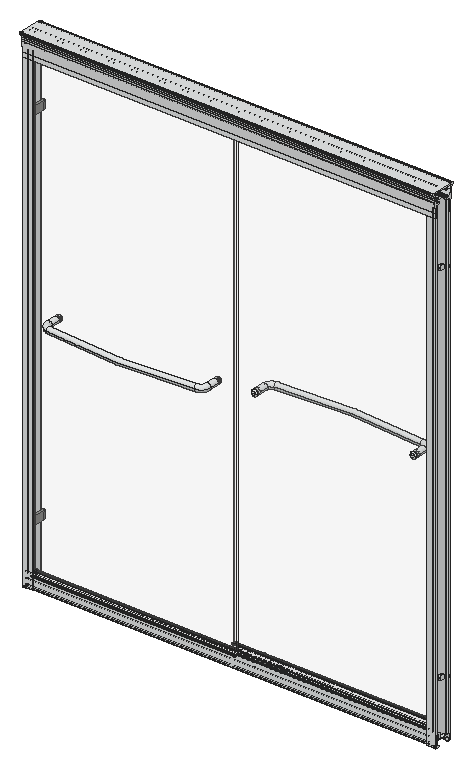
Revit family "Shower-Shower_Door-KOHLER-Fluence-K-702211", category Specialty Equipment, host Face, Revit 2021 (continued)
Definition of nested family "K-702211"
  Automatic sketch dimensions
    plane 5 to Extrusion 17 sketch curve = 0.08051"
    Extrusion 17 sketch curve to Extrusion 17 sketch curve = 0.00694"
    Extrusion 17 sketch curve to Extrusion 17 sketch curve = 0.45423"
    plane 5 to Extrusion 17 sketch curve = 0.595"
    Extrusion 17 sketch curve to Extrusion 17 sketch curve = 0.12318"
    Extrusion 17 sketch curve to Extrusion 17 sketch curve = 0.12057"
    Extrusion 17 sketch curve to Extrusion 17 sketch curve = 0.3745"
    plane 25 to Extrusion 17 sketch curve = 0.36281"
    plane 25 to Extrusion 17 sketch curve = 0.35627"
    Extrusion 17 sketch curve to plane 22 = 0.39791"
    Extrusion 17 sketch curve to Extrusion 17 sketch curve = 0.00758"
    Extrusion 17 sketch curve to Extrusion 17 sketch curve = 0.03476"
    plane 5 to Extrusion 18 sketch curve = 0.08051"
    Extrusion 18 sketch curve to Extrusion 18 sketch curve = 0.00694"
    Extrusion 18 sketch curve to Extrusion 18 sketch curve = 0.45423"
    plane 5 to Extrusion 18 sketch curve = 0.595"
    Extrusion 18 sketch curve to Extrusion 18 sketch curve = 0.12318"
    Extrusion 18 sketch curve to Extrusion 18 sketch curve = 0.12057"
    Extrusion 18 sketch curve to Extrusion 18 sketch curve = 0.3745"
    plane 25 to Extrusion 18 sketch curve = 0.36281"
    plane 25 to Extrusion 18 sketch curve = 0.35627"
    Extrusion 18 sketch curve to plane 22 = 0.39791"
    Extrusion 18 sketch curve to Extrusion 18 sketch curve = 0.00758"
    Extrusion 18 sketch curve to Extrusion 18 sketch curve = 0.03476"
    Extrusion 19 sketch curve to plane 8 = 0.17076"
    Extrusion 19 sketch curve to plane 10 = 0.20302"
    Extrusion 19 sketch curve to Extrusion 19 sketch curve = 0.12057"
    Extrusion 19 sketch curve to Extrusion 19 sketch curve = 0.05332"
    Extrusion 19 sketch curve to plane 4 = 0.10812"
    Extrusion 19 sketch curve to Extrusion 19 sketch curve = 0.00694"
    plane 9 to Extrusion 19 sketch curve = 0.33109"
    plane 9 to Extrusion 19 sketch curve = 0.45018"
    Extrusion 19 sketch curve to Extrusion 19 sketch curve = 0.03406"
    plane 25 to Extrusion 19 sketch curve = 0.35627"
    plane 25 to Extrusion 19 sketch curve = 0.36281"
    plane 8 to Extrusion 20 sketch curve = 0.08317"
    plane 25 to Extrusion 20 sketch curve = 0.36281"
    Extrusion 20 sketch curve to plane 10 = 0.13317"
    plane 25 to Extrusion 20 sketch curve = 0.35627"
    Extrusion 20 sketch curve to plane 22 = 0.39791"
    Extrusion 20 sketch curve to plane 10 = 0.07985"
    Extrusion 20 sketch curve to Extrusion 20 sketch curve = 0.00758"
    Extrusion 20 sketch curve to Extrusion 20 sketch curve = 0.03476"
    Extrusion 20 sketch curve to plane 4 = 0.10118"
    Extrusion 20 sketch curve to Extrusion 20 sketch curve = 0.03406"
    Extrusion 20 sketch curve to plane 10 = 0.20302"
    Extrusion 20 sketch curve to Extrusion 20 sketch curve = 0.18791"
    Extrusion 21 sketch curve to plane 24 = 0.12518"
    Extrusion 21 sketch curve to plane 6 = 0.11031"  (x2)
    plane 6 to Extrusion 21 sketch curve = 0.1283"
    plane 6 to Extrusion 21 sketch curve = 0.12832"
    plane 23 to Extrusion 21 sketch curve = 0.10812"
    plane 26 to Extrusion 21 sketch curve = 8.19146"
    Extrusion 21 sketch curve to Extrusion 21 sketch curve = 0.23849"
    Extrusion 22 sketch curve to plane 24 = 0.12518"
    Extrusion 22 sketch curve to plane 6 = 0.11031"  (x2)
    plane 6 to Extrusion 22 sketch curve = 0.1283"
    plane 6 to Extrusion 22 sketch curve = 0.12832"
    plane 23 to Extrusion 22 sketch curve = 0.10812"
    plane 11 to Extrusion 22 sketch curve = 5.62656"
    Extrusion 22 sketch curve to Extrusion 22 sketch curve = 0.23849"
    Extrusion 23 sketch curve to plane 24 = 0.12518"
    Extrusion 23 sketch curve to plane 6 = 0.11031"  (x2)
    plane 6 to Extrusion 23 sketch curve = 0.1283"
    plane 6 to Extrusion 23 sketch curve = 0.12832"
    plane 23 to Extrusion 23 sketch curve = 0.10812"
    plane 26 to Extrusion 23 sketch curve = 8.19146"
    Extrusion 23 sketch curve to Extrusion 23 sketch curve = 0.23849"
    Extrusion 24 sketch curve to plane 24 = 0.12518"
    Extrusion 24 sketch curve to plane 6 = 0.11031"  (x2)
    plane 6 to Extrusion 24 sketch curve = 0.1283"
    plane 6 to Extrusion 24 sketch curve = 0.12832"
    plane 23 to Extrusion 24 sketch curve = 0.10812"
    plane 11 to Extrusion 24 sketch curve = 5.62656"
    Extrusion 24 sketch curve to Extrusion 24 sketch curve = 0.23849"
    Extrusion 25 sketch curve to plane 25 = 0.00301"
    Extrusion 25 sketch curve to plane 25 = 0.00647"
    Extrusion 25 sketch curve to plane 25 = 0.0214"
    Extrusion 25 sketch curve to plane 25 = 0.023"
    Extrusion 25 sketch curve to Extrusion 25 sketch curve = 0.00072"
    Extrusion 25 sketch curve to Extrusion 25 sketch curve = 0.09112"
    Extrusion 25 sketch curve to Extrusion 25 sketch curve = 0.00176"
    plane 6 to Extrusion 25 sketch curve = 0.04934"
    plane 6 to Extrusion 25 sketch curve = 0.05173"
    Extrusion 25 sketch curve to Extrusion 25 sketch curve = 0.0684"
    Extrusion 25 sketch curve to plane 11 = 0.07323"
    plane 6 to Extrusion 25 sketch curve = 0.1433"
    Extrusion 25 sketch curve to Extrusion 25 sketch curve = 0.05416"
    Extrusion 25 sketch curve to plane 11 = 0.02093"
    plane 23 to Extrusion 25 sketch curve = 0.05377"
    Extrusion 25 sketch curve to plane 23 = 0.00442"
    Extrusion 25 sketch curve to plane 23 = 0.02793"
    Extrusion 25 sketch curve to Extrusion 25 sketch curve = 0.0665"  (x2)
    Extrusion 25 sketch curve to Extrusion 25 sketch curve = 0.0689"
    Extrusion 25 sketch curve to plane 22 = 0.28326"
    Extrusion 25 sketch curve to Extrusion 25 sketch curve = 0.00222"
    Extrusion 25 sketch curve to Extrusion 25 sketch curve = 0.04242"
    Extrusion 25 sketch curve to Extrusion 25 sketch curve = 0.0029"
    Extrusion 25 sketch curve to Extrusion 25 sketch curve = 0.06345"
    Extrusion 25 sketch curve to plane 11 = 0.08022"
    Extrusion 25 sketch curve to plane 22 = 0.37302"
    Extrusion 25 sketch curve to Extrusion 25 sketch curve = 0.08311"
    level to Extrusion 25 sketch curve = 0.16565"
    Extrusion 25 sketch curve to plane 22 = 0.41288"
    Extrusion 25 sketch curve to Extrusion 25 sketch curve = 0.02081"
    Extrusion 25 sketch curve to Extrusion 25 sketch curve = 1/16"
    Extrusion 25 sketch curve to Extrusion 25 sketch curve = 0.0644"
    Extrusion 25 sketch curve to Extrusion 25 sketch curve = 0.02063"
    Extrusion 25 sketch curve to Extrusion 25 sketch curve = 0.46909"
    Extrusion 25 sketch curve to Extrusion 25 sketch curve = 0.00073"
    level to Extrusion 25 sketch curve = 0.76962"
    Extrusion 25 sketch curve to Extrusion 25 sketch curve = 0.02071"
    Extrusion 25 sketch curve to Extrusion 25 sketch curve = 0.08163"
    Extrusion 25 sketch curve to Extrusion 25 sketch curve = 0.01463"
    Extrusion 25 sketch curve to Extrusion 25 sketch curve = 0.03407"
    Extrusion 25 sketch curve to Extrusion 25 sketch curve = 0.01413"
    Extrusion 25 sketch curve to Extrusion 25 sketch curve = 0.02214"
    Extrusion 25 sketch curve to Extrusion 25 sketch curve = 0.06123"
    Extrusion 25 sketch curve to Extrusion 25 sketch curve = 0.06579"
    Extrusion 25 sketch curve to Extrusion 25 sketch curve = 0.06601"
    Extrusion 25 sketch curve to Extrusion 25 sketch curve = 0.05027"
    Extrusion 25 sketch curve to Extrusion 25 sketch curve = 0.05822"
    curve 60 to curve 68 = 0"
    curve 62 to curve 70 = 0"  (x2)
    curve 64 to curve 72 = 0"  (x2)
    curve 66 to curve 74 = 0"  (x2)
    curve 116 to curve 124 = 0"  (x2)
    curve 118 to curve 126 = 0"  (x2)
    curve 120 to curve 128 = 0"  (x2)
    curve 122 to curve 130 = 0"
    curve 48 to plane 13 = 0"
    curve 48 to plane 14 = 0"
    curve 49 to plane 13 = 0"
    curve 49 to plane 14 = 0"
    curve 150 to plane 13 = 0"
    curve 150 to plane 14 = 0"
    curve 3 to level = 0"
    curve 2 to level = 0"
    curve 1 to level = 0"
    curve 4 to level = 0"
    curve 50 to level = 0"
    curve 42 to level = 0"
    curve 41 to level = 0"
    curve 40 to level = 0"
    curve 151 to plane 13 = 0"
    curve 151 to plane 14 = 0"
    curve 47 to plane 13 = 0"
    curve 47 to plane 14 = 0"
    curve 46 to plane 13 = 0"
    curve 46 to plane 14 = 0"
    plane 1 "Center (Front/Back)" to curve 48 = 0.89503"
    plane 25 to curve 30 = 0.36086"
    curve 30 to curve 27 = 0.05765"
    curve 27 to curve 29 = 0.01839"
    curve 26 to plane 11 = 0.04515"
    curve 29 to curve 26 = 0.00194"
    plane 25 to curve 35 = 0.02288"
    plane 25 to curve 32 = 0.0214"
    plane 25 to curve 14 = 0.0121"
    plane 25 to curve 31 = 0.01184"
    plane 25 to curve 13 = 0.00565"
    plane 25 to curve 23 = 0.0014"
    curve 33 to plane 25 = 0.00335"
    curve 24 to plane 25 = 0.00671"
    curve 20 to plane 25 = 0.02074"
    curve 39 to plane 25 = 0.02601"
    plane 11 to curve 17 = 0.00081"
    curve 17 to plane 25 = 0.02613"
    curve 39 to curve 9 = 0.00335"
    curve 20 to curve 12 = 0.02811"
    curve 11 to plane 11 = 0.05779"
    curve 14 to curve 11 = 0.03282"
    curve 10 to curve 37 = 0.05429"
    curve 9 to curve 38 = 0.05839"
    curve 38 to curve 16 = 0.00931"
    curve 12 to curve 25 = 0.04904"
    plane 24 to curve 6 = 0.06527"
    curve 15 to curve 15 = 0.00208"
    curve 61 to plane 24 = 0.12254"
    curve 117 to plane 24 = 0.12254"
    curve 60 to curve 69 = 0.00787"
    curve 117 to curve 125 = 0.00787"
    curve 69 to curve 53 = 0.0621"
    curve 125 to curve 109 = 0.0621"
    curve 109 to curve 124 = 0.05503"
    curve 109 to curve 126 = 0.05503"
    curve 71 to plane 6 = 0.11117"
    curve 59 to plane 6 = 0.11117"
    curve 118 to curve 111 = 0.00746"
    curve 60 to curve 52 = 0.00746"
    curve 62 to curve 54 = 0.00746"  (x2)
    curve 116 to curve 107 = 0.00746"
    curve 60 to curve 51 = 0.00746"
    curve 62 to curve 55 = 0.00746"
    plane 6 to curve 37 = 0.07783"
    plane 6 to curve 132 = 0.08192"
    plane 6 to curve 51 = 0.11887"
    plane 6 to curve 55 = 0.11887"
    plane 6 to curve 114 = 0.11887"
    curve 56 to curve 56 = 0"
    plane 6 to curve 112 = 0.11887"
    curve 58 to curve 58 = 0"
    curve 58 to curve 66 = 0.00746"
    curve 114 to curve 123 = 0.00746"
    curve 112 to curve 128 = 0.00746"
    curve 56 to curve 72 = 0.00746"
    curve 64 to curve 57 = 0.05503"
    curve 122 to curve 113 = 0.05503"
    curve 56 to curve 73 = 0.0621"
    curve 113 to curve 129 = 0.0621"
    curve 133 to plane 23 = 0.0591"
    curve 134 to plane 23 = 0.0631"
    curve 104 to plane 22 = 0.13793"
    curve 88 to plane 22 = 0.13793"
    curve 97 to plane 22 = 0.13793"
    curve 81 to plane 22 = 0.13793"
    curve 88 to curve 76 = 0.12826"
    curve 104 to curve 92 = 0.12826"
    curve 92 to curve 101 = 0.00749"
    curve 81 to curve 78 = 0.13575"
    curve 97 to curve 94 = 0.13575"
    curve 76 to curve 85 = 0.00749"
    curve 133 to plane 22 = 0.30679"
    curve 133 to curve 135 = 0.0045"
    curve 133 to curve 7 = 0.01663"
    curve 7 to curve 8 = 0"
    curve 133 to curve 6 = 5/256"
    curve 133 to curve 5 = 5/256"
    level to curve 50 = 0.016"
    curve 50 to plane 22 = 0.39141"
    curve 85 to curve 89 = 0.13239"
    curve 94 to curve 98 = 0.13239"
    curve 78 to curve 82 = 0.13239"
    curve 101 to curve 105 = 0.13239"
    curve 131 to plane 11 = 0.10494"
    curve 131 to plane 22 = 0.43808"
    curve 105 to curve 106 = 0.08134"
    curve 89 to curve 90 = 0.08134"
    curve 98 to curve 100 = 0.08134"
    curve 82 to curve 84 = 0.08134"
    curve 82 to curve 79 = 0.0816"
    curve 105 to curve 102 = 0.0816"
    curve 89 to curve 86 = 0.0816"
    curve 98 to curve 95 = 0.0816"
    curve 86 to curve 77 = 0.00077"
    curve 102 to curve 93 = 0.00077"
    curve 84 to curve 80 = 0.02683"
    curve 106 to curve 103 = 0.02683"
    curve 100 to curve 96 = 0.02683"
    curve 90 to curve 87 = 0.02683"
    curve 102 to curve 91 = 0.0373"
    curve 79 to curve 75 = 0.0373"
    curve 46 to plane 9 = 0.89127"
    curve 50 to curve 8 = 0.61848"
    curve 8 to curve 7 = 0.03065"
    curve 7 to curve 5 = 0.0527"
    curve 5 to curve 133 = 0.02227"
    curve 133 to curve 6 = 0.0087"
    curve 133 to curve 133 = 0.01668"
    curve 133 to curve 37 = 0.01191"
    curve 37 to curve 37 = 0.02036"
    curve 38 to curve 6 = 0.00603"
    curve 37 to curve 39 = 0.01746"
    curve 38 to curve 10 = 0.00447"
    curve 15 to curve 15 = 0.06034"
    curve 10 to curve 9 = 0.0541"
    curve 7 to curve 135 = 0.12008"
    curve 133 to curve 134 = 0.11445"
    curve 37 to curve 132 = 0.11712"
    curve 38 to curve 16 = 0.01642"
    curve 32 to curve 20 = 0.18503"
    curve 32 to curve 24 = 0.03637"
    curve 30 to curve 27 = 0.13092"
    curve 25 to curve 11 = 0.05717"
    curve 35 to curve 20 = 0.03916"
    curve 35 to curve 14 = 0.00905"
    curve 12 to curve 20 = 0.02773"
    curve 14 to curve 34 = 0.01445"
    curve 33 to curve 31 = 0.00161"
    plane 11 to curve 90 = 5.46653"
    curve 90 to curve 87 = 0.02999"
    curve 90 to curve 89 = 0.0495"
    curve 88 to curve 63 = 0.12878"
    curve 88 to curve 77 = 0.13604"
    curve 77 to curve 86 = 0.00177"
    curve 89 to curve 85 = 0.16552"
    curve 85 to curve 76 = 0"  (x2)
    curve 55 to curve 62 = 0.05503"
    curve 64 to curve 56 = 0.00746"
    curve 53 to curve 53 = 0.22258"
    curve 56 to curve 57 = 0.22258"
    curve 52 to curve 52 = 0"
    curve 58 to curve 74 = 0.00746"
    curve 75 to curve 75 = 3/8"
    curve 75 to curve 79 = 0.04721"
    curve 79 to curve 82 = 0.1183"
    curve 78 to curve 81 = 0.18503"
    curve 80 to curve 84 = 0.02999"
    plane 26 to curve 106 = 8.35106"
    curve 106 to curve 104 = 0.02999"
    curve 106 to curve 105 = 0.0495"
    curve 104 to curve 119 = 0.12835"
    curve 103 to curve 93 = 0.13604"
    curve 93 to curve 102 = 0.00177"
    curve 105 to curve 101 = 0.16552"
    curve 101 to curve 91 = 0.05414"
    curve 111 to curve 118 = 0.05503"
    curve 110 to curve 108 = 0.22259"
    curve 108 to curve 117 = 0.00746"
    curve 101 to curve 94 = 3/8"
    curve 94 to curve 95 = 0.04721"
    curve 95 to curve 98 = 0.1183"
    curve 98 to curve 96 = 0.01951"
    curve 96 to curve 100 = 0.02999"
    curve 49 to plane 1 "Center (Front/Back)" = 0.08964"
    plane 25 to curve 149 = 0.46117"
    curve 49 to curve 150 = 0.427"
    curve 49 to curve 150 = 0.42704"
    plane 25 to curve 3 = 0.4531"
    curve 3 to curve 2 = 0.00799"
    curve 2 to curve 1 = 0.03403"
    curve 1 to curve 4 = 0.00799"
    curve 30 to curve 30 = 0.02574"
    curve 30 to curve 30 = 0"
    curve 30 to curve 28 = 0.01265"
    curve 19 to plane 11 = 0.00126"
    curve 26 to curve 19 = 0.01221"
    plane 25 to curve 142 = 0.2674"
    curve 4 to curve 142 = 0.13574"
    plane 11 to curve 18 = 0.026"
    curve 19 to curve 18 = 0.01714"
    curve 26 to plane 11 = 0.0495"
    curve 26 to curve 26 = 0.04083"
    curve 19 to plane 11 = 0.00708"
    curve 26 to curve 19 = 0.02666"
    plane 11 to curve 18 = 0.02071"
    curve 19 to curve 18 = 0.01746"
    plane 25 to curve 144 = 0.07748"
    plane 25 to curve 144 = 0.07726"
    curve 34 to curve 35 = 0.03874"
    curve 13 to plane 11 = 0.02369"
    curve 34 to curve 13 = 0.00252"
    plane 11 to curve 17 = 0.00822"
    curve 13 to curve 17 = 0.00178"
    plane 25 to curve 143 = 0.0474"
    curve 21 to curve 14 = 0.00356"
    plane 11 to curve 21 = 0.0038"
    plane 25 to curve 22 = 0.0014"
    curve 9 to plane 25 = 0.00419"
    curve 35 to plane 25 = 0.00438"
    curve 33 to plane 25 = 0.01193"
    curve 5 to plane 25 = 0.02472"
    curve 32 to curve 25 = 0.04468"
    curve 25 to curve 36 = 0.00035"
    curve 33 to curve 12 = 0.04503"
    curve 16 to curve 10 = 0"
    curve 146 to plane 25 = 0.06265"
    curve 147 to plane 25 = 0.07664"
    curve 146 to curve 145 = 0.01399"
    curve 36 to curve 25 = 0.03314"
    curve 25 to curve 36 = 0.00006"
    curve 12 to curve 11 = 0.03299"
    plane 24 to curve 147 = 0.07336"
    curve 148 to plane 23 = 0.0696"
    plane 22 to curve 140 = 0.0804"
    curve 148 to curve 148 = 0.08"
    curve 140 to curve 141 = 0.01399"
    curve 138 to plane 22 = 0.0446"
    curve 139 to plane 22 = 0.0737"
    curve 139 to plane 22 = 0.07468"
    curve 139 to curve 137 = 0.1909"
    curve 139 to curve 137 = 0.18993"
    curve 135 to curve 45 = 0.04574"
    curve 8 to curve 44 = 0.00058"
    curve 44 to curve 41 = 0.008"
    curve 41 to curve 40 = 0.034"
    curve 84 to curve 84 = 0.03"
    curve 43 to plane 11 = 0.02424"
    curve 131 to curve 43 = 0.01933"
    curve 95 to curve 95 = 0.03026"
    curve 151 to plane 22 = 0.45741"
    curve 136 to plane 22 = 0.45741"
    curve 131 to curve 131 = 15/256"
    curve 84 to curve 81 = 0.02362"
    curve 100 to curve 98 = 0.02362"
    curve 106 to curve 104 = 0.02362"
    curve 90 to curve 88 = 0.02362"
    curve 93 to curve 92 = 0"
    curve 77 to curve 76 = 0"
    curve 102 to curve 101 = 0"
    curve 86 to curve 85 = 0"
    curve 79 to curve 78 = 0"
    curve 95 to curve 94 = 0"
    plane 9 to curve 47 = 0.0934"
    curve 50 to curve 43 = 0.12903"
    curve 42 to curve 8 = 0.10413"
    curve 44 to curve 8 = 0.03484"
    curve 5 to curve 39 = 0.03698"
    curve 28 to curve 30 = 0.02091"
    curve 30 to curve 30 = 0.00884"
    curve 27 to curve 27 = 0.07782"
    curve 27 to curve 28 = 0.01526"
    curve 131 to curve 131 = 0.00076"
    curve 83 to curve 89 = 0.0054"
    curve 82 to curve 83 = 0.00638"
    curve 99 to curve 105 = 0.00596"
    curve 101 to curve 91 = 0"
    curve 98 to curve 99 = 0.00397"
    curve 149 to curve 149 = 0.64"
    curve 136 to curve 136 = 0.64"
    curve 4 to curve 3 = 0"
    curve 41 to curve 40 = 0"
    curve 44 to curve 41 = 0"
    curve 3 to curve 2 = 0"
    curve 4 to curve 1 = 0"
    curve 45 to curve 44 = 0"
    curve 45 to curve 137 = 0.07345"
    curve 147 to curve 144 = 0.07345"
    curve 148 to curve 139 = 0.07345"
    curve 4 to curve 142 = 0.07345"
    curve 144 to curve 143 = 0.15641"
    curve 139 to curve 138 = 0.15641"
    curve 141 to curve 138 = 0"
    curve 143 to curve 146 = 0"  (x2)
    curve 146 to curve 145 = 0.02746"
    curve 141 to curve 140 = 0.02746"
    curve 145 to curve 146 = 0.02746"
    curve 140 to curve 138 = 0.02746"
    curve 140 to curve 141 = 0.02746"
    curve 138 to curve 137 = 0.1562"
    curve 143 to curve 142 = 0.1562"
    curve 143 to curve 144 = 0.1562"
    curve 138 to curve 139 = 0.15641"
    Extrusion 27 sketch curve to plane 1 "Center (Front/Back)" = 0.51399"
    Extrusion 27 sketch curve to plane 5 = 0"
    plane 9 to Extrusion 27 sketch curve = 0.50795"  (x2)
    Extrusion 27 sketch curve to plane 1 "Center (Front/Back)" = 0.51378"
    Extrusion 27 sketch curve to plane 4 = 0"
    plane 5 to Extrusion 27 sketch curve = 0.96572"
    plane 8 to Extrusion 27 sketch curve = 0.06305"
    plane 23 to Revolve 28 sketch curve = 0.05354"
    Revolve 28 sketch curve to Revolve 28 sketch curve = 0.206"
    Revolve 28 sketch curve to Revolve 28 sketch curve = 0.02526"
    Revolve 28 sketch curve to Revolve 28 sketch curve = 0.01727"
    Revolve 28 sketch curve to Revolve 28 sketch curve = 0.12653"
    Revolve 28 sketch curve to plane 22 = 0.31428"
    Revolve 28 sketch curve to Revolve 28 sketch curve = 0.093"
    Revolve 28 sketch curve to Revolve 28 sketch curve = 0.04474"
    Revolve 28 sketch curve to Revolve 28 sketch curve = 0.00448"
    Revolve 28 sketch curve to plane 6 = 0.00266"
    Revolve 28 sketch curve to Revolve 28 sketch curve = 0"  (x3)
    Revolve 28 sketch curve to plane 24 = 0.1592"
    plane 23 to Revolve 31 sketch curve = 0.052"
    Revolve 31 sketch curve to Revolve 31 sketch curve = 0.206"
    Revolve 31 sketch curve to Revolve 31 sketch curve = 0.02526"
    Revolve 31 sketch curve to Revolve 31 sketch curve = 0.01727"
    Revolve 31 sketch curve to Revolve 31 sketch curve = 0.12653"
    Revolve 31 sketch curve to plane 22 = 0.31582"
    Revolve 31 sketch curve to Revolve 31 sketch curve = 0.093"
    Revolve 31 sketch curve to Revolve 31 sketch curve = 0.04474"
    Revolve 31 sketch curve to Revolve 31 sketch curve = 0.00448"
    Revolve 31 sketch curve to plane 6 = 0.00112"
    Revolve 31 sketch curve to Revolve 31 sketch curve = 0"  (x2)
    Revolve 31 sketch curve to plane 24 = 0.16074"
    plane 25 to Extrusion 32 sketch curve = 0.11196"
    Extrusion 32 sketch curve to Extrusion 32 sketch curve = 0.02119"
    Extrusion 32 sketch curve to Extrusion 32 sketch curve = 0.00102"
    Extrusion 32 sketch curve to Extrusion 32 sketch curve = 0.03279"  (x2)
    plane 25 to Extrusion 32 sketch curve = 0.00096"
    Extrusion 32 sketch curve to plane 25 = 0.01554"
    Extrusion 32 sketch curve to plane 25 = 0.02804"
    Extrusion 32 sketch curve to plane 25 = 0.07804"
    Extrusion 32 sketch curve to plane 25 = 0.08377"
    Extrusion 32 sketch curve to Extrusion 32 sketch curve = 0.04"  (x2)
    plane 24 to Extrusion 32 sketch curve = 0.06687"
    plane 24 to Extrusion 32 sketch curve = 0.02196"
    plane 24 to Extrusion 32 sketch curve = 0.00946"
    Extrusion 32 sketch curve to plane 24 = 0.02304"
    Extrusion 32 sketch curve to Extrusion 32 sketch curve = 0.0005"
    Extrusion 32 sketch curve to Extrusion 32 sketch curve = 0.02171"
    Extrusion 32 sketch curve to Extrusion 32 sketch curve = 0"  (x2)
    Extrusion 32 sketch curve to Extrusion 32 sketch curve = 0.11211"
    Extrusion 32 sketch curve to Extrusion 32 sketch curve = 0.00527"
    Extrusion 32 sketch curve to Extrusion 32 sketch curve = 0.00009"
    Extrusion 32 sketch curve to Extrusion 32 sketch curve = 0.01107"
    Extrusion 32 sketch curve to Extrusion 32 sketch curve = 0.01155"
    plane 25 to Revolve 33 sketch curve = 0.296"
    Revolve 33 sketch curve to Revolve 33 sketch curve = 0.03009"  (x2)
    plane 25 to Revolve 33 sketch curve = 0.07606"
    Revolve 33 sketch curve to Revolve 33 sketch curve = 0.03006"
    Revolve 33 sketch curve to plane 25 = 0.06405"
    Revolve 33 sketch curve to plane 25 = 0.08806"
    Revolve 33 sketch curve to Revolve 33 sketch curve = 0.02401"
    Revolve 33 sketch curve to Revolve 33 sketch curve = 0.12631"
    Revolve 33 sketch curve to Revolve 33 sketch curve = 0.12635"
    Revolve 33 sketch curve to Revolve 33 sketch curve = 0.08587"
    Revolve 33 sketch curve to Revolve 33 sketch curve = 0.02016"
    Revolve 34 sketch curve to plane 18 "FH1" = 0"  (x2)
    plane 25 to Revolve 34 sketch curve = 0.29064"
    plane 18 "FH1" to Revolve 34 sketch curve = 0.00185"
    Revolve 34 sketch curve to Revolve 34 sketch curve = 0.0083"
    Revolve 34 sketch curve to plane 24 = 0.052"
    Revolve 34 sketch curve to plane 24 = 0.145"
    Revolve 34 sketch curve to Revolve 34 sketch curve = 0.04896"
    plane 6 to Revolve 34 sketch curve = 0.00287"
    Revolve 34 sketch curve to Revolve 34 sketch curve = 0.206"
    Revolve 34 sketch curve to Revolve 34 sketch curve = 0.04395"
    Revolve 34 sketch curve to Revolve 34 sketch curve = 0.12511"
    Revolve 34 sketch curve to Revolve 34 sketch curve = 0"  (x2)
    plane 23 to Revolve 34 sketch curve = 0.15995"
    Sweep 35 sketch curve to plane 17 "FH2" = 0"
    plane 19 to Sweep 35 sketch curve = 0"
    plane 20 to Sweep 35 sketch curve = 61.15888"
    plane 1 "Center (Front/Back)" to Sweep 35 sketch curve = 47/256"
    plane 1 "Center (Front/Back)" to Sweep 35 sketch curve = 0.18362"
    Sweep 35 sketch curve to Sweep 35 sketch curve = 0.86614"
    Sweep 35 sketch curve to plane 18 "FH1" = 0.86597"
    plane 18 "FH1" to Sweep 35 sketch curve = 0.00017"
    plane 25 to Sweep 35 sketch curve = 0.03327"
    plane 25 to Sweep 35 sketch curve = 0.03347"
    Sweep 35 sketch curve to Sweep 35 sketch curve = 0"
    Sweep 35 sketch curve to profile plane = 0"
    profile plane to Sweep 35 sketch curve = 34.85501"
    Revolve 28 sketch curve to plane 16 "WTP1" = 2.23892"
    Revolve 31 sketch curve to plane 28 "M2" = 0"  (x2)
    Revolve 30 sketch curve to plane 22 = 0.29504"
    Revolve 30 sketch curve to Revolve 30 sketch curve = 0.03009"
    Revolve 30 sketch curve to plane 22 = 0.0751"
    Revolve 30 sketch curve to Revolve 30 sketch curve = 0.03006"  (x2)
    plane 22 to Revolve 30 sketch curve = 0.06501"
    plane 22 to Revolve 30 sketch curve = 0.08902"
    Revolve 30 sketch curve to Revolve 30 sketch curve = 0.02401"
    Revolve 30 sketch curve to Revolve 30 sketch curve = 0.12631"
    Revolve 30 sketch curve to Revolve 30 sketch curve = 0.12635"
    Revolve 30 sketch curve to Revolve 30 sketch curve = 0.08587"
    Revolve 30 sketch curve to Revolve 30 sketch curve = 0.02016"
    Extrusion 29 sketch curve to plane 22 = 0"
    Extrusion 29 sketch curve to Extrusion 29 sketch curve = 0.056"
    Extrusion 29 sketch curve to Extrusion 29 sketch curve = 0.03279"  (x2)
    Extrusion 29 sketch curve to Extrusion 29 sketch curve = 0.00102"
    Extrusion 29 sketch curve to Extrusion 29 sketch curve = 0.02119"
    plane 22 to Extrusion 29 sketch curve = 0.0165"
    plane 22 to Extrusion 29 sketch curve = 0.029"
    plane 22 to Extrusion 29 sketch curve = 0.079"
    plane 22 to Extrusion 29 sketch curve = 0.08473"
    Extrusion 29 sketch curve to Extrusion 29 sketch curve = 0.04"  (x2)
    Extrusion 29 sketch curve to plane 23 = 0.06591"
    Extrusion 29 sketch curve to plane 23 = 0.021"
    Extrusion 29 sketch curve to plane 23 = 0.0085"
    plane 23 to Extrusion 29 sketch curve = 0.024"
    Extrusion 29 sketch curve to Extrusion 29 sketch curve = 0.0005"
    Extrusion 29 sketch curve to Extrusion 29 sketch curve = 0.02171"
    Extrusion 29 sketch curve to Extrusion 29 sketch curve = 0.01155"
    Extrusion 29 sketch curve to Extrusion 29 sketch curve = 0.01107"
    Extrusion 29 sketch curve to Extrusion 29 sketch curve = 0"  (x3)
    Extrusion 29 sketch curve to Extrusion 29 sketch curve = 0.00009"
    Extrusion 29 sketch curve to Extrusion 29 sketch curve = 0.11211"
    Extrusion 4 sketch curve to Extrusion 4 sketch curve = 0.44187"
    Extrusion 4 sketch curve to Extrusion 4 sketch curve = 0.21197"
    Extrusion 4 sketch curve to Extrusion 4 sketch curve = 0.04196"  (x2)
    Extrusion 4 sketch curve to Extrusion 4 sketch curve = 0.03154"  (x2)
    Extrusion 4 sketch curve to Extrusion 4 sketch curve = 0.36985"  (x2)
    plane 26 to Extrusion 4 sketch curve = 0.91156"  (x2)
    plane 26 to Extrusion 4 sketch curve = 0.49909"  (x2)
    plane 26 to Extrusion 4 sketch curve = 0.24782"  (x2)
    Extrusion 4 sketch curve to plane 26 = 0.10893"  (x2)
    Extrusion 4 sketch curve to plane 26 = 0.1588"  (x2)
    Extrusion 4 sketch curve to plane 26 = 0.18189"  (x2)
    plane 26 to Extrusion 5 sketch curve = 0.73707"
    Extrusion 5 sketch curve to plane 26 = 0.24493"
    plane 26 to Extrusion 6 sketch curve = 0.73707"
    Extrusion 6 sketch curve to plane 26 = 0.24493"
    plane 26 to Revolve 7 sketch curve = 0"  (x2)
    Revolve 7 sketch curve to plane 26 = 0.19521"
    plane 26 to Revolve 8 sketch curve = 0"  (x2)
    Revolve 8 sketch curve to plane 26 = 0.19521"
    curve 149 to curve 3 = 0.88325"
    curve 136 to curve 40 = 0.88325"
    curve 148 to curve 137 = 0.07345"
    curve 147 to curve 142 = 0.07345"
    curve 145 to curve 145 = 0.38352"
    curve 140 to curve 140 = 0.38352"
    plane 26 to Extrusion 29 sketch curve = 0.73707"
    Extrusion 29 sketch curve to plane 26 = 0.24493"
    plane 26 to Revolve 30 sketch curve = 0"  (x2)
    Revolve 30 sketch curve to plane 26 = 0.19521"
    plane 26 to Extrusion 32 sketch curve = 0.73707"
    Extrusion 32 sketch curve to plane 26 = 0.24493"
    plane 26 to Revolve 33 sketch curve = 0"  (x2)
    Revolve 33 sketch curve to plane 26 = 0.19521"
    plane 26 to Extrusion 4 sketch curve = 1.33233"  (x4)
    Extrusion 4 sketch curve to Extrusion 4 sketch curve = 0.64"  (x2)
    Extrusion 4 sketch curve to plane 26 = 2.97548"  (x2)
    Extrusion 5 sketch curve to Extrusion 5 sketch curve = 1.0278"
    Extrusion 6 sketch curve to Extrusion 6 sketch curve = 1.0278"
    plane 26 to curve 149 = 1.97223"
    curve 149 to curve 136 = 0"
    Extrusion 29 sketch curve to Extrusion 29 sketch curve = 1.0278"
    Extrusion 32 sketch curve to Extrusion 32 sketch curve = 1.02789"
    plane 1 "Center (Front/Back)" to Masking region 3 sketch curve = 0"  (x3)
    Masking region 3 sketch curve to plane 5 = 0"
    plane 18 "FH1" to Masking region 3 sketch curve = 3/8"
    Masking region 3 sketch curve to plane 18 "FH1" = 3/8"
    Masking region 3 sketch curve to Masking region 3 sketch curve = 0.47895"
    Masking region 3 sketch curve to Masking region 3 sketch curve = 0.00801"
    plane 19 to Masking region 3 sketch curve = 0.01625"
    Masking region 3 sketch curve to plane 19 = 0.01181"
    plane 1 "Center (Front/Back)" to Masking region 3 sketch curve = 0.1747"
    Masking region 3 sketch curve to plane 17 "FH2" = 0.87323"
    Masking region 3 sketch curve to Masking region 3 sketch curve = 0.02247"
    Masking region 3 sketch curve to plane 17 "FH2" = 3/8"
    plane 17 "FH2" to Masking region 3 sketch curve = 3/8"
    plane 20 to Masking region 3 sketch curve = 59.91585"
    Masking region 3 sketch curve to Masking region 3 sketch curve = 0.99641"
    plane 1 "Center (Front/Back)" to Masking region 3 sketch curve = 0.18502"
    plane 1 "Center (Front/Back)" to Masking region 3 sketch curve = 0.18819"
    plane 1 "Center (Front/Back)" to Masking region 3 sketch curve = 0.19027"
    Masking region 3 sketch curve to Masking region 3 sketch curve = 0.21778"
    Masking region 3 sketch curve to Masking region 3 sketch curve = 0"
    Masking region 1 sketch curve to plane 5 = 0"
    Masking region 1 sketch curve to plane 15 "WALK THRU PLANE" = 0"
    Masking region 1 sketch curve to plane 4 = 0"
    Masking region 1 sketch curve to level = 0.00009"
    plane 5 to Masking region 1 sketch curve = 1.19313"
    plane 11 to Masking region 1 sketch curve = 0.29576"
    plane 26 to Masking region 1 sketch curve = 1.97233"
    plane 33 to Masking region 1 sketch curve = 0.00284"
    Masking region 4 sketch curve to plane 5 = 0"
    Masking region 4 sketch curve to level = 0"
    Masking region 4 sketch curve to plane 15 "WALK THRU PLANE" = 0"
    plane 11 to Masking region 4 sketch curve = 0.29576"
    plane 5 to Masking region 4 sketch curve = 1.20289"
    plane 26 to Masking region 4 sketch curve = 1.97233"
    curve 152 to plane 5 = 0"
    curve 154 to plane 11 = 0"
    curve 158 to plane 13 = 0"
    plane 17 "FH2" to curve 158 = 0"
    curve 160 to plane 12 = 0"
    curve 168 to plane 15 "WALK THRU PLANE" = 0.0184"
    curve 167 to plane 12 = 0"
    plane 28 "M2" to curve 167 = 0"
    curve 166 to plane 12 = 0"
    curve 166 to plane 29 = 0"
    curve 153 to level = 0"
    curve 168 to plane 16 "WTP1" = 0"
    curve 152 to plane 4 = 0"
    curve 159 to plane 17 "FH2" = 0.00017"
    plane 18 "FH1" to curve 160 = 0.00003"
    curve 159 to plane 14 = 0.00201"
    plane 5 to curve 154 = 1.19313"
    curve 152 to curve 156 = 1.20289"
    plane 15 "WALK THRU PLANE" to curve 155 = 0.08475"
    plane 11 to curve 155 = 0.29576"
    plane 11 to curve 156 = 0.29576"
    plane 26 to curve 156 = 1.97233"
    plane 32 to Sweep 13 sketch curve = 0.0018"
    plane 7 to Sweep 13 sketch curve = 61.15061"
    Sweep 13 sketch curve to plane 9 = 0.18246"
    Sweep 13 sketch curve to plane 9 = 0.18251"
    Sweep 13 sketch curve to plane 30 = 0.70614"
    Sweep 13 sketch curve to plane 31 "M3" = 0.70614"
    Sweep 13 sketch curve to plane 22 = 0.03231"
    Sweep 13 sketch curve to plane 22 = 0.03251"
    Sweep 13 sketch curve to Sweep 13 sketch curve = 0"
    Extrusion 26 sketch curve to level = 0"
    Extrusion 26 sketch curve to plane 9 = 0"
    plane 9 to Extrusion 26 sketch curve = 0.48112"
    Extrusion 26 sketch curve to plane 1 "Center (Front/Back)" = 0.48811"
    Extrusion 26 sketch curve to plane 1 "Center (Front/Back)" = 0.4319"
    plane 1 "Center (Front/Back)" to Extrusion 26 sketch curve = 0.00096"
    plane 34 to Extrusion 26 sketch curve = 0.9295"  (x2)
    plane 7 to Extrusion 26 sketch curve = 2.1918"
    plane 20 to Extrusion 26 sketch curve = 2.20008"
    Extrusion 26 sketch curve to plane 11 = 0.24495"
    plane 26 to Extrusion 26 sketch curve = 0.687"
    Extrusion 26 sketch curve to plane 33 = 0.06075"
    plane 33 to Extrusion 26 sketch curve = 0.00237"
    Masking region 3 sketch curve to plane 4 = 0"
    plane 9 to Masking region 3 sketch curve = 0"
    plane 9 to Masking region 5 sketch curve = 0"  (x2)
    Masking region 5 sketch curve to plane 30 = 0.21365"
    Masking region 5 sketch curve to plane 9 = 0.16591"
    Masking region 5 sketch curve to Masking region 5 sketch curve = 0.5135"
    Masking region 5 sketch curve to Masking region 5 sketch curve = 0.1098"
    plane 32 to Masking region 5 sketch curve = 0.00967"
    Masking region 5 sketch curve to plane 32 = 0.00718"
    Masking region 5 sketch curve to plane 9 = 0.17243"
    Masking region 5 sketch curve to plane 31 "M3" = 0.83114"
    Masking region 5 sketch curve to Masking region 5 sketch curve = 0.12633"
    Masking region 5 sketch curve to plane 31 "M3" = 0.21511"
    Masking region 5 sketch curve to Masking region 5 sketch curve = 0.01115"
    Masking region 5 sketch curve to plane 9 = 0.19685"  (x2)
    Masking region 5 sketch curve to Masking region 5 sketch curve = 0"
    plane 7 to Masking region 5 sketch curve = 64.58283"
    Masking region 5 sketch curve to Masking region 5 sketch curve = 9.47622"
    Masking region 5 sketch curve to Masking region 5 sketch curve = 0.10121"
    Masking region 5 sketch curve to plane 20 = 0.51696"
    curve 164 to plane 4 = 0"
    curve 165 to plane 4 = 0"
    plane 1 "Center (Front/Back)" to curve 169 = 0"
    plane 1 "Center (Front/Back)" to curve 162 = 0"
    plane 1 "Center (Front/Back)" to curve 170 = 0"
    plane 1 "Center (Front/Back)" to curve 163 = 0"
    curve 165 to plane 5 = 0"
    curve 164 to plane 5 = 0"
    plane 18 "FH1" to curve 169 = 3/8"
    curve 169 to plane 18 "FH1" = 3/8"
    curve 169 to curve 162 = 0.32724"
    curve 162 to curve 162 = 0.74996"
    curve 170 to plane 17 "FH2" = 3/8"
    plane 17 "FH2" to curve 170 = 3/8"
    curve 170 to curve 163 = 0.32724"
    curve 163 to curve 163 = 0.74996"
    curve 165 to plane 1 "Center (Front/Back)" = 0.04923"
    plane 9 to curve 164 = 0.04923"
    Masking region 2 sketch curve to Masking region 2 sketch curve = 0"  (x31)
    Masking region 2 sketch curve to plane 14 = 0"  (x2)
    Masking region 2 sketch curve to plane 13 = 0"  (x2)
    Masking region 2 sketch curve to level = 0"  (x4)
    Masking region 2 sketch curve to plane 23 = 0"
    plane 26 to Masking region 2 sketch curve = 0.02012"  (x2)
    plane 23 to Masking region 2 sketch curve = 0.06709"
    Masking region 2 sketch curve to plane 26 = 0.01989"  (x2)
    Masking region 2 sketch curve to Masking region 2 sketch curve = 0.00011"  (x2)
    Masking region 2 sketch curve to plane 24 = 0.06624"
    plane 24 to Masking region 2 sketch curve = 0.00096"
    plane 24 to Masking region 2 sketch curve = 0.03889"
    plane 24 to Masking region 2 sketch curve = 0.04023"
    Masking region 2 sketch curve to Masking region 2 sketch curve = 0.02047"  (x2)
    plane 24 to Masking region 2 sketch curve = 0.07336"
    Masking region 2 sketch curve to Masking region 2 sketch curve = 0.03447"  (x2)
    Masking region 2 sketch curve to plane 26 = 0.00033"  (x2)
    plane 24 to Masking region 2 sketch curve = 0.0956"
    plane 24 to Masking region 2 sketch curve = 0.09649"
    Masking region 2 sketch curve to Masking region 2 sketch curve = 0.05"  (x3)
    Masking region 2 sketch curve to Masking region 2 sketch curve = 0.04"  (x2)
    Masking region 2 sketch curve to Masking region 2 sketch curve = 0.02646"
    Masking region 2 sketch curve to Masking region 2 sketch curve = 0.01519"  (x2)
    Masking region 2 sketch curve to Masking region 2 sketch curve = 0.02106"
    Masking region 2 sketch curve to plane 25 = 0.08996"
    Masking region 2 sketch curve to Masking region 2 sketch curve = 7/256"
    Masking region 2 sketch curve to plane 25 = 0.07664"
    Masking region 2 sketch curve to Masking region 2 sketch curve = 0.0605"
    Masking region 2 sketch curve to Masking region 2 sketch curve = 0.01399"  (x4)
    Masking region 2 sketch curve to Masking region 2 sketch curve = 0.03299"
    Masking region 2 sketch curve to Masking region 2 sketch curve = 0.01918"
    Masking region 2 sketch curve to plane 25 = 0.03738"
    Masking region 2 sketch curve to plane 25 = 0.02634"
    Masking region 2 sketch curve to plane 25 = 0.02472"
    Masking region 2 sketch curve to Masking region 2 sketch curve = 0.00052"
    Masking region 2 sketch curve to plane 25 = 0.02033"
    Masking region 2 sketch curve to plane 25 = 0.01193"
    Masking region 2 sketch curve to plane 25 = 0.00982"
    Masking region 2 sketch curve to plane 25 = 0.00829"
    Masking region 2 sketch curve to plane 25 = 0.00507"
    Masking region 2 sketch curve to plane 25 = 0.00167"
    plane 25 to Masking region 2 sketch curve = 0.00241"
    plane 25 to Masking region 2 sketch curve = 0.00437"
    plane 25 to Masking region 2 sketch curve = 0.00508"
    plane 25 to Masking region 2 sketch curve = 0.00725"
    plane 25 to Masking region 2 sketch curve = 0.00868"
    plane 25 to Masking region 2 sketch curve = 0.01337"
    plane 25 to Masking region 2 sketch curve = 0.02"
    plane 25 to Masking region 2 sketch curve = 0.02221"
    plane 25 to Masking region 2 sketch curve = 0.03371"
    Masking region 2 sketch curve to Masking region 2 sketch curve = 0.01369"  (x2)
    plane 25 to Masking region 2 sketch curve = 0.0474"
    plane 25 to Masking region 2 sketch curve = 0.04821"
    plane 11 to Masking region 2 sketch curve = 0.00822"
    plane 25 to Masking region 2 sketch curve = 0.05733"
    Masking region 2 sketch curve to plane 11 = 0.02369"
    Masking region 2 sketch curve to Masking region 2 sketch curve = 0.00178"
    Masking region 2 sketch curve to Masking region 2 sketch curve = 0.01228"  (x2)
    Masking region 2 sketch curve to Masking region 2 sketch curve = 0.00252"
    Masking region 2 sketch curve to Masking region 2 sketch curve = 0.00571"  (x2)
    Masking region 2 sketch curve to Masking region 2 sketch curve = 0.045"  (x3)
    Masking region 2 sketch curve to Masking region 2 sketch curve = 0.02071"
    Masking region 2 sketch curve to Masking region 2 sketch curve = 0.06611"
    Masking region 2 sketch curve to Masking region 2 sketch curve = 0.02986"  (x2)
    Masking region 2 sketch curve to Masking region 2 sketch curve = 0.01209"  (x2)
    plane 25 to Masking region 2 sketch curve = 0.07962"
    Masking region 2 sketch curve to Masking region 2 sketch curve = 0.00139"
    Masking region 2 sketch curve to Masking region 2 sketch curve = 0.05523"
    Masking region 2 sketch curve to Masking region 2 sketch curve = 0.0068"
    Masking region 2 sketch curve to Masking region 2 sketch curve = 0.0459"
    plane 25 to Masking region 2 sketch curve = 0.13198"
    Masking region 2 sketch curve to Masking region 2 sketch curve = 0.12502"
    Masking region 2 sketch curve to Masking region 2 sketch curve = 0.00459"
    plane 11 to Masking region 2 sketch curve = 0.02071"
    Masking region 2 sketch curve to Masking region 2 sketch curve = 0.1406"
    Masking region 2 sketch curve to plane 11 = 0.00708"
    Masking region 2 sketch curve to Masking region 2 sketch curve = 0.01746"
    Masking region 2 sketch curve to plane 11 = 0.0495"
    Masking region 2 sketch curve to Masking region 2 sketch curve = 0.02666"
    plane 11 to Masking region 2 sketch curve = 0.026"
    Masking region 2 sketch curve to Masking region 2 sketch curve = 0.03814"
    Masking region 2 sketch curve to Masking region 2 sketch curve = 0.18987"
    Masking region 2 sketch curve to Masking region 2 sketch curve = 0.19015"
    Masking region 2 sketch curve to plane 11 = 0.00126"
    Masking region 2 sketch curve to Masking region 2 sketch curve = 0.01714"
    Masking region 2 sketch curve to Masking region 2 sketch curve = 0.17595"
    Masking region 2 sketch curve to Masking region 2 sketch curve = 0.00246"
    Masking region 2 sketch curve to Masking region 2 sketch curve = 0.04377"
    Masking region 2 sketch curve to Masking region 2 sketch curve = 0.00415"
    Masking region 2 sketch curve to Masking region 2 sketch curve = 0.03"  (x3)
    Masking region 2 sketch curve to plane 11 = 0.14681"
    Masking region 2 sketch curve to Masking region 2 sketch curve = 0.01739"
    Masking region 2 sketch curve to Masking region 2 sketch curve = 0.03157"
    Masking region 2 sketch curve to Masking region 2 sketch curve = 0.01727"
    Masking region 2 sketch curve to Masking region 2 sketch curve = 0.01104"
    level to Masking region 2 sketch curve = 0.01987"
    Masking region 2 sketch curve to Masking region 2 sketch curve = 0.04649"  (x2)
    Masking region 2 sketch curve to Masking region 2 sketch curve = 0.02119"  (x2)
    Masking region 2 sketch curve to plane 11 = 0.12601"
    Masking region 2 sketch curve to Masking region 2 sketch curve = 0.01474"
    Masking region 2 sketch curve to Masking region 2 sketch curve = 0.06177"
    Masking region 2 sketch curve to Masking region 2 sketch curve = 0.08374"  (x2)
    plane 25 to Masking region 2 sketch curve = 0.46113"
    plane 25 to Masking region 2 sketch curve = 0.46117"
    Masking region 2 sketch curve to Masking region 2 sketch curve = 0.06276"  (x2)
    Masking region 2 sketch curve to Masking region 2 sketch curve = 0.07698"
    Masking region 2 sketch curve to Masking region 2 sketch curve = 0.00942"  (x2)
    plane 34 to Masking region 2 sketch curve = 0.0001"  (x2)
    Masking region 2 sketch curve to Masking region 2 sketch curve = 0.065"  (x2)
    Masking region 2 sketch curve to plane 1 "Center (Front/Back)" = 0.19164"
    Masking region 2 sketch curve to Masking region 2 sketch curve = 0.05224"  (x2)
    Masking region 2 sketch curve to plane 1 "Center (Front/Back)" = 0.04276"
    Masking region 2 sketch curve to Masking region 2 sketch curve = 0.00993"  (x2)
    plane 1 "Center (Front/Back)" to Masking region 2 sketch curve = 0.00236"
    plane 1 "Center (Front/Back)" to Masking region 2 sketch curve = 0.3513"
    Masking region 2 sketch curve to plane 26 = 0.21278"  (x2)
    Masking region 2 sketch curve to Masking region 2 sketch curve = 0.33968"  (x2)
    Masking region 2 sketch curve to Masking region 2 sketch curve = 0.01329"  (x2)
    Masking region 2 sketch curve to Masking region 2 sketch curve = 0.14738"  (x2)
    plane 26 to Masking region 2 sketch curve = 0.24771"  (x2)
    Masking region 2 sketch curve to plane 7 = 0.51923"
    Masking region 2 sketch curve to plane 7 = 0.37502"
    plane 7 to Masking region 2 sketch curve = 0.57536"
    plane 26 to Masking region 2 sketch curve = 0.91146"  (x2)
    Masking region 2 sketch curve to Masking region 2 sketch curve = 2.40131"  (x2)
    plane 34 to Masking region 2 sketch curve = 0.6401"  (x4)
    Masking region 2 sketch curve to Masking region 2 sketch curve = 4.50163"
    plane 33 to Masking region 2 sketch curve = 1.95998"  (x2)
    Masking region 2 sketch curve to Masking region 2 sketch curve = 0.84462"
    Masking region 2 sketch curve to Masking region 2 sketch curve = 2.92453"
    Masking region 2 sketch curve to plane 23 = 0.03647"
    Masking region 2 sketch curve to plane 23 = 0.03794"  (x2)
    Masking region 2 sketch curve to Masking region 2 sketch curve = 0.03166"  (x2)
    Masking region 2 sketch curve to plane 23 = 0.09464"
    Masking region 2 sketch curve to Masking region 2 sketch curve = 0.02049"
    Masking region 2 sketch curve to Masking region 2 sketch curve = 0.04252"
    Masking region 2 sketch curve to Masking region 2 sketch curve = 0.08"
    plane 22 to Masking region 2 sketch curve = 0.02409"
    plane 22 to Masking region 2 sketch curve = 0.01109"
    Masking region 2 sketch curve to plane 22 = 0.01719"
    Masking region 2 sketch curve to Masking region 2 sketch curve = 0.01371"
    Masking region 2 sketch curve to plane 22 = 0.0446"
    Masking region 2 sketch curve to Masking region 2 sketch curve = 0.0289"
    Masking region 2 sketch curve to plane 22 = 0.12822"
    Masking region 2 sketch curve to plane 22 = 0.13597"
    Masking region 2 sketch curve to Masking region 2 sketch curve = 0.00075"
    Masking region 2 sketch curve to Masking region 2 sketch curve = 0.02144"
    Masking region 2 sketch curve to Masking region 2 sketch curve = 0.12865"
    Masking region 2 sketch curve to Masking region 2 sketch curve = 0.02199"
    plane 26 to Masking region 2 sketch curve = 0.00983"
    Masking region 2 sketch curve to Masking region 2 sketch curve = 0.06759"
    Masking region 2 sketch curve to Masking region 2 sketch curve = 0.1911"
    Masking region 2 sketch curve to Masking region 2 sketch curve = 0.18993"
    Masking region 2 sketch curve to Masking region 2 sketch curve = 0.01631"
    Masking region 2 sketch curve to Masking region 2 sketch curve = 0.1361"
    Masking region 2 sketch curve to Masking region 2 sketch curve = 0.00188"
    Masking region 2 sketch curve to plane 22 = 0.32625"
    Masking region 2 sketch curve to Masking region 2 sketch curve = 0.02004"
    Masking region 2 sketch curve to Masking region 2 sketch curve = 0.02417"
    Masking region 2 sketch curve to plane 22 = 0.34322"
    Masking region 2 sketch curve to plane 22 = 0.34465"
    Masking region 2 sketch curve to plane 22 = 0.34596"
    level to Masking region 2 sketch curve = 0.02031"
    Masking region 2 sketch curve to plane 22 = 0.36241"
    Masking region 2 sketch curve to Masking region 2 sketch curve = 0.02"
    Masking region 2 sketch curve to plane 11 = 0.08094"
    Masking region 2 sketch curve to plane 22 = 0.43613"
    Masking region 2 sketch curve to plane 22 = 0.45741"  (x3)
    Masking region 2 sketch curve to Masking region 2 sketch curve = 0.11275"
    Masking region 2 sketch curve to Masking region 2 sketch curve = 0.07469"
    Masking region 2 sketch curve to Masking region 2 sketch curve = 0.01422"
    Masking region 2 sketch curve to Masking region 2 sketch curve = 0.03928"
    Masking region 2 sketch curve to plane 37 = 0.17553"
    Masking region 2 sketch curve to Masking region 2 sketch curve = 0.32503"
    Masking region 2 sketch curve to plane 38 = 3/16"
    Masking region 2 sketch curve to Masking region 2 sketch curve = 0.30677"
    plane 38 to Masking region 2 sketch curve = 3/16"  (x2)
    Masking region 2 sketch curve to Masking region 2 sketch curve = 0.3082"
    plane 9 to Masking region 2 sketch curve = 0.1954"
    plane 9 to Masking region 2 sketch curve = 0.04653"
    plane 9 to Masking region 2 sketch curve = 0.0014"
    Masking region 2 sketch curve to plane 9 = 0.34754"
    Masking region 2 sketch curve to plane 20 = 0.51376"
    Masking region 2 sketch curve to plane 20 = 0.36955"
    plane 20 to Masking region 2 sketch curve = 0.58084"
    Masking region 2 sketch curve to Masking region 2 sketch curve = 4.37284"
    Masking region 2 sketch curve to Masking region 2 sketch curve = 0.97341"
    Masking region 2 sketch curve to Masking region 2 sketch curve = 3.05332"
    Masking region 2 sketch curve to level = 0.03962"
    Masking region 2 sketch curve to level = 0.05241"
    Masking region 2 sketch curve to Masking region 2 sketch curve = 0.07857"
    Masking region 2 sketch curve to Masking region 2 sketch curve = 0.07928"
    Masking region 2 sketch curve to Masking region 2 sketch curve = 0.04638"
    Masking region 2 sketch curve to Masking region 2 sketch curve = 0.06893"
    level to Masking region 2 sketch curve = 0.01498"
    level to Masking region 2 sketch curve = 0.016"
    Masking region 2 sketch curve to Masking region 2 sketch curve = 0.04899"
    Masking region 2 sketch curve to Masking region 2 sketch curve = 0.01499"
    level to Masking region 2 sketch curve = 0.14503"
    Masking region 2 sketch curve to Masking region 2 sketch curve = 0.09467"
    Masking region 2 sketch curve to Masking region 2 sketch curve = 0.30282"
    Masking region 2 sketch curve to Masking region 2 sketch curve = 0.0225"
    Masking region 2 sketch curve to Masking region 2 sketch curve = 0.00338"
    Masking region 2 sketch curve to Masking region 2 sketch curve = 0.03464"  (x2)
    Masking region 2 sketch curve to Masking region 2 sketch curve = 0.02879"
    Masking region 2 sketch curve to Masking region 2 sketch curve = 0.0423"
    Masking region 2 sketch curve to Masking region 2 sketch curve = 0.58465"
    Masking region 2 sketch curve to Masking region 2 sketch curve = 0.01818"
    Masking region 2 sketch curve to Masking region 2 sketch curve = 0.02253"
    Masking region 2 sketch curve to Masking region 2 sketch curve = 0.05478"
    Masking region 2 sketch curve to Masking region 2 sketch curve = 0.06452"
    Masking region 2 sketch curve to Masking region 2 sketch curve = 0.02964"
    Masking region 2 sketch curve to Masking region 2 sketch curve = 0.0038"
    Masking region 2 sketch curve to Masking region 2 sketch curve = 0.004"
    Masking region 2 sketch curve to Masking region 2 sketch curve = 0.00787"
    Masking region 2 sketch curve to Masking region 2 sketch curve = 0.01919"
    Masking region 2 sketch curve to Masking region 2 sketch curve = 0.00421"
    Masking region 2 sketch curve to Masking region 2 sketch curve = 0.04178"
    Masking region 2 sketch curve to Masking region 2 sketch curve = 0.00065"
    Masking region 2 sketch curve to Masking region 2 sketch curve = 0.27125"
    Masking region 2 sketch curve to Masking region 2 sketch curve = 0.06418"
    Masking region 2 sketch curve to Masking region 2 sketch curve = 0.06846"
    Masking region 2 sketch curve to Masking region 2 sketch curve = 0.02019"
    Masking region 2 sketch curve to Masking region 2 sketch curve = 0.04499"
    plane 11 to Masking region 2 sketch curve = 0.03841"
    Masking region 2 sketch curve to Masking region 2 sketch curve = 0.2853"
    plane 37 to Masking region 2 sketch curve = 0.18754"
    plane 26 to Masking region 2 sketch curve = 0.49899"  (x2)
    plane 26 to Masking region 2 sketch curve = 0.44898"
    Masking region 2 sketch curve to Masking region 2 sketch curve = 0.29647"
    Masking region 2 sketch curve to Masking region 2 sketch curve = 0.03864"  (x2)
    Masking region 2 sketch curve to Masking region 2 sketch curve = 0.06623"  (x2)
    Masking region 2 sketch curve to Masking region 2 sketch curve = 0.07345"
    Masking region 2 sketch curve to Masking region 2 sketch curve = 0.03481"
    Masking region 2 sketch curve to Masking region 2 sketch curve = 0.02051"  (x2)
    Masking region 2 sketch curve to Masking region 2 sketch curve = 0.01492"  (x2)
    Masking region 2 sketch curve to Masking region 2 sketch curve = 0.01507"
    Masking region 2 sketch curve to Masking region 2 sketch curve = 0.01514"
    Masking region 2 sketch curve to Masking region 2 sketch curve = 0.03008"  (x2)
    Masking region 2 sketch curve to Masking region 2 sketch curve = 0.00276"  (x2)
    Masking region 2 sketch curve to Masking region 2 sketch curve = 0.00093"  (x2)
    Masking region 2 sketch curve to Masking region 2 sketch curve = 0.02711"
    Masking region 2 sketch curve to Masking region 2 sketch curve = 0.02705"
    Masking region 2 sketch curve to Masking region 2 sketch curve = 0.02252"  (x2)
    Masking region 2 sketch curve to Masking region 2 sketch curve = 0.07098"  (x2)
    Masking region 2 sketch curve to Masking region 2 sketch curve = 0.02785"  (x2)
    Masking region 2 sketch curve to Masking region 2 sketch curve = 0.02746"  (x4)
    Masking region 2 sketch curve to Masking region 2 sketch curve = 0.05568"  (x2)
    Masking region 2 sketch curve to Masking region 2 sketch curve = 0.03342"
    Masking region 2 sketch curve to plane 26 = 0.06467"  (x2)
    Masking region 2 sketch curve to Masking region 2 sketch curve = 0.05388"  (x2)
    Masking region 2 sketch curve to Masking region 2 sketch curve = 0.0387"  (x2)
    Masking region 2 sketch curve to Masking region 2 sketch curve = 0.02571"  (x2)
    Masking region 2 sketch curve to Masking region 2 sketch curve = 0.08023"  (x2)
    Masking region 2 sketch curve to Masking region 2 sketch curve = 0.1262"  (x2)
    Masking region 2 sketch curve to Masking region 2 sketch curve = 0.12635"
    Masking region 2 sketch curve to Masking region 2 sketch curve = 0.1273"
    Masking region 2 sketch curve to Masking region 2 sketch curve = 0.16367"  (x2)
    Masking region 2 sketch curve to Masking region 2 sketch curve = 0.26332"  (x2)
    Masking region 2 sketch curve to Masking region 2 sketch curve = 0.06527"  (x2)
    Masking region 2 sketch curve to Masking region 2 sketch curve = 0.05973"  (x2)
    Masking region 2 sketch curve to Masking region 2 sketch curve = 0.01057"  (x2)
    Masking region 2 sketch curve to plane 33 = 0.12046"
    Masking region 2 sketch curve to plane 33 = 0.1199"
    Masking region 2 sketch curve to Masking region 2 sketch curve = 0.00002"
    Masking region 2 sketch curve to Masking region 2 sketch curve = 0.016"  (x2)
    Masking region 2 sketch curve to plane 33 = 0.05745"  (x2)
    Masking region 2 sketch curve to Masking region 2 sketch curve = 0.02453"  (x2)
    Masking region 2 sketch curve to plane 33 = 0.02941"
    Masking region 2 sketch curve to plane 33 = 0.02591"  (x2)
    plane 33 to Masking region 2 sketch curve = 0.34044"  (x2)
    plane 25 to Masking region 2 sketch curve = 0.018"
    Masking region 2 sketch curve to Masking region 2 sketch curve = 0.00667"
    Masking region 2 sketch curve to Masking region 2 sketch curve = 0.01114"
    level to Masking region 2 sketch curve = 0.06353"
    Masking region 2 sketch curve to Masking region 2 sketch curve = 0.00072"
    Masking region 2 sketch curve to Masking region 2 sketch curve = 0.02101"
    Masking region 2 sketch curve to plane 11 = 0.1815"
    Masking region 2 sketch curve to Masking region 2 sketch curve = 0.00004"
    plane 26 to Masking region 2 sketch curve = 0.12881"
    Masking region 2 sketch curve to Masking region 2 sketch curve = 0.00096"
    Masking region 2 sketch curve to plane 26 = 0.18199"  (x2)
    Masking region 2 sketch curve to Masking region 2 sketch curve = 0.01191"
    Masking region 2 sketch curve to plane 22 = 0.02193"
    Masking region 2 sketch curve to Masking region 2 sketch curve = 0.00332"
    plane 24 to curve 172 = 0.07336"
    curve 171 to plane 23 = 0.0696"
    plane 26 to curve 171 = 0.1525"
    plane 26 to curve 172 = 0.1525"
    curve 172 to plane 26 = 0.15317"
    curve 171 to plane 26 = 0.15317"
    radius of Sweep 13 sketch curve = 0.37503"
    radius of Sweep 35 sketch curve = 0.37503"
    radius of curve 166 = 0.37503"
    radius of curve 167 = 0.37503"
